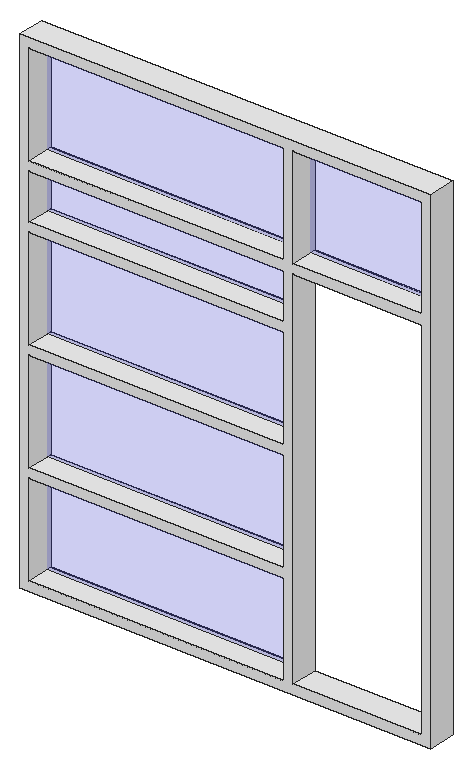
Revit family
Parameters (values of type "AW21")
  창 두께 = 150 mm
  창 패널 = AW21 창 패널
  창 프레임 = AW21 창 프레임
  Height = 2700 mm
  절반 창 두께 = 창 두께 / 2  # 75 mm
  기본 씰 높이 = 0 mm
  Wall Closure = (empty or 0)
  Width = 2235 mm
Types (3, lengths in mm): name | Width
  (no name) | 2235
  AW21 | 2235
  AW22 | 2000
Reference planes
  plane 1: y = 0
  plane 2 "중심(왼쪽/오른쪽)": x = 0
  plane 3 "왼쪽": x = -1117.5
  plane 4 "오른쪽": x = 1117.5
  plane 5 "씰": z = 0
  plane 6 "헤드": z = 2700
  plane 7 "외부": y = 100
  plane 8 "내부": y = -100
  plane 9: x = 317.5
  plane 10: z = 600
  plane 11: z = 1200
  plane 12: z = 1800
  plane 13: z = 2100
  plane 14: z = 550
  plane 15: z = 1150
  plane 16: z = 1750
  plane 17: z = 2050
  plane 18: x = 367.5
  plane 19: x = -1067.5
  plane 20: x = 1067.5
  plane 21: z = 2650
  plane 22: y = 75
  plane 23: y = -75
  plane 24: y = 66
  plane 25: y = 44
  plane 26: y = 35
  plane 27: z = 50
Forms (mm)
  Extrusion 1, solid, material "AW21 창 프레임" <- "창 프레임"
    sketch origin (-2000, 75, 1000) x (-1, 0, 0) y (0, 0, 1)
      loop
        line (-3067.5, 1650) -> (-3067.5, 1100) -> (-2367.5, 1100) -> (-2367.5, 1650) -> (-3067.5, 1650)
      loop
        line (-2317.5, 1650) -> (-2317.5, 1100) -> (-932.5, 1100) -> (-932.5, 1650) -> (-2317.5, 1650)
      loop
        line (-2317.5, 1050) -> (-2317.5, 800) -> (-932.5, 800) -> (-932.5, 1050) -> (-2317.5, 1050)
      loop
        line (-2317.5, 750) -> (-2317.5, 200) -> (-932.5, 200) -> (-932.5, 750) -> (-2317.5, 750)
      loop
        line (-2317.5, 150) -> (-2317.5, -400) -> (-932.5, -400) -> (-932.5, 150) -> (-2317.5, 150)
      loop
        line (-2317.5, -450) -> (-2317.5, -950) -> (-932.5, -950) -> (-932.5, -450) -> (-2317.5, -450)
      loop
        line (-3067.5, 1050) -> (-3067.5, -950) -> (-2367.5, -950) -> (-2367.5, 1050) -> (-3067.5, 1050)
      loop
        line (-3117.5, 1700) -> (-3117.5, -1000) -> (-882.5, -1000) -> (-882.5, 1700) -> (-3117.5, 1700)
    from -150 to 0
  Extrusion 2, solid, material "AW21 창 패널" <- "창 패널"
    sketch origin (-2000, 75, 1000) x (-1, 0, 0) y (0, 0, 1)
      loop
        line (-3067.5, 1650) -> (-3067.5, 1100) -> (-2367.5, 1100) -> (-2367.5, 1650) -> (-3067.5, 1650)
      loop
        line (-2317.5, 1650) -> (-2317.5, 1100) -> (-932.5, 1100) -> (-932.5, 1650) -> (-2317.5, 1650)
      loop
        line (-2317.5, 1050) -> (-2317.5, 800) -> (-932.5, 800) -> (-932.5, 1050) -> (-2317.5, 1050)
      loop
        line (-2317.5, 750) -> (-2317.5, 200) -> (-932.5, 200) -> (-932.5, 750) -> (-2317.5, 750)
      loop
        line (-2317.5, 150) -> (-2317.5, -400) -> (-932.5, -400) -> (-932.5, 150) -> (-2317.5, 150)
      loop
        line (-2317.5, -450) -> (-2317.5, -950) -> (-932.5, -950) -> (-932.5, -450) -> (-2317.5, -450)
    from -31 to -9
Lines and regions (mm)
  Opening 1
    outline origin (3500, -100, 0) x (1, 0, 0) y (0, 0, 1)
      loop
        line (-2382.5, 0) -> (-2382.5, 2700) -> (-4617.5, 2700) -> (-4617.5, 0) -> (-2382.5, 0)
  symbolic lines
    curve 1: line (-1117.5, 100, 0) -> (-1117.5, -100, 0)
    curve 2: line (1117.5, 100, 0) -> (1117.5, -100, 0)
    curve 3: line (317.5, 75, 0) -> (317.5, -75, 0)
    curve 4: line (367.5, 75, 0) -> (367.5, -75, 0)
    curve 5: line (-1117.5, 75, 0) -> (1117.5, 75, 0)
    curve 6: line (-1117.5, -75, 0) -> (1117.5, -75, 0)
    curve 7: line (-1117.5, 0, 0) -> (317.5, 0, 0)
Text (mm)
  text "외부" at (-1963.203, 1332.353, 0), in view "참조 레벨"
  text "내부" at (-1981.466, -818.386, 0), in view "참조 레벨"
  text "외부" at (0, 923.751, 2943.296), in view "오른쪽"
  text "외부" at (0, 1040.484, 2685.409), in view "왼쪽"
Dimensions and locks
  equal spacing: plane 3 "왼쪽", plane 2 "중심(왼쪽/오른쪽)", plane 4 "오른쪽"
  "Width": plane 3 "왼쪽" to plane 4 "오른쪽"
  "Height": plane 5 "씰" to plane 6 "헤드"
  "기본 씰 높이": plane 5 "씰" to level
  locked: plane 7 "외부" to host wall at 0
  locked: plane 8 "내부" to host wall
  locked: plane 9 to plane 4 "오른쪽" at 800
  host wall to plane 26 to plane 25 to plane 24 to plane 22 = 35 mm, 9 mm locked, 22 mm locked, 9 mm locked
  locked: plane 9 to plane 18 at 50
  locked: plane 20 to plane 4 "오른쪽" at 50
  locked: plane 3 "왼쪽" to plane 19 at 50
  locked: plane 21 to plane 6 "헤드" at 50
  locked: plane 10 to plane 11 at 600
  locked: plane 11 to plane 12 at 600
  "절반 창 두께": plane 22 to host wall
  "절반 창 두께": host wall to plane 23
  locked: plane 14 to plane 10 at 50
  locked: plane 15 to plane 11 at 50
  locked: plane 16 to plane 12 at 50
  locked: plane 17 to plane 13 at 50
  locked: plane 5 "씰" to plane 27 at 50
  locked: plane 5 "씰" to plane 10 at 600
  locked: plane 5 "씰" to plane 13 at 2100
  aligned and locked: plane 20 to Extrusion 1 sketch curve  (x2)
  aligned and locked: plane 21 to Extrusion 1 sketch curve  (x2)
  aligned and locked: plane 13 to Extrusion 1 sketch curve  (x2)
  aligned and locked: Extrusion 1 sketch curve to plane 18  (x2)
  aligned and locked: plane 9 to Extrusion 1 sketch curve  (x5)
  aligned and locked: Extrusion 1 sketch curve to plane 19  (x5)
  aligned and locked: plane 12 to Extrusion 1 sketch curve
  aligned and locked: Extrusion 1 sketch curve to plane 17  (x2)
  aligned and locked: Extrusion 1 sketch curve to plane 16
  aligned and locked: plane 11 to Extrusion 1 sketch curve
  aligned and locked: Extrusion 1 sketch curve to plane 15
  aligned and locked: plane 10 to Extrusion 1 sketch curve
  aligned and locked: Extrusion 1 sketch curve to plane 14
  aligned and locked: plane 27 to Extrusion 1 sketch curve  (x2)
  aligned and locked: plane 6 "헤드" to Extrusion 1 sketch curve
  aligned and locked: plane 4 "오른쪽" to Extrusion 1 sketch curve
  aligned and locked: Extrusion 1 sketch curve to plane 5 "씰"
  aligned and locked: Extrusion 1 sketch curve to plane 3 "왼쪽"
  aligned and locked: Extrusion 1 to plane 22
  aligned and locked: Extrusion 1 to plane 23
  aligned and locked: plane 21 to Extrusion 2 sketch curve  (x2)
  aligned and locked: plane 20 to Extrusion 2 sketch curve
  aligned and locked: plane 13 to Extrusion 2 sketch curve  (x2)
  aligned and locked: Extrusion 2 sketch curve to plane 18
  aligned and locked: plane 9 to Extrusion 2 sketch curve  (x4)
  aligned and locked: Extrusion 2 sketch curve to plane 19  (x5)
  aligned and locked: Extrusion 2 sketch curve to plane 17
  aligned and locked: plane 12 to Extrusion 2 sketch curve
  aligned and locked: Extrusion 2 sketch curve to plane 16
  aligned and locked: plane 11 to Extrusion 2 sketch curve
  aligned and locked: Extrusion 2 sketch curve to plane 15
  aligned and locked: plane 10 to Extrusion 2 sketch curve
  aligned and locked: Extrusion 2 sketch curve to plane 14
  aligned and locked: plane 27 to Extrusion 2 sketch curve
  aligned and locked: Extrusion 2 to plane 25
  aligned and locked: plane 24 to Extrusion 2
  aligned and locked: plane 7 "외부" to curve 1
  aligned and locked: plane 8 "내부" to curve 1
  aligned and locked: plane 3 "왼쪽" to curve 1
  aligned and locked: plane 7 "외부" to curve 2
  aligned and locked: plane 8 "내부" to curve 2
  aligned and locked: plane 4 "오른쪽" to curve 2
  aligned and locked: plane 3 "왼쪽" to curve 5
  aligned and locked: plane 4 "오른쪽" to curve 5
  aligned and locked: curve 5 to plane 22
  aligned and locked: curve 6 to plane 23
  aligned and locked: plane 22 to curve 3
  aligned and locked: plane 23 to curve 3
  aligned and locked: plane 9 to curve 3
  aligned and locked: plane 18 to curve 4
  aligned and locked: plane 9 to curve 7
  aligned and locked: host wall to curve 7
Automatic sketch dimensions
  Opening 1 sketch curve to plane 3 "왼쪽" = 0 mm
  Opening 1 sketch curve to plane 4 "오른쪽" = 0 mm
  Opening 1 sketch curve to plane 5 "씰" = 0 mm
  Opening 1 sketch curve to plane 6 "헤드" = 0 mm
  plane 9 to Extrusion 2 sketch curve = 0 mm
